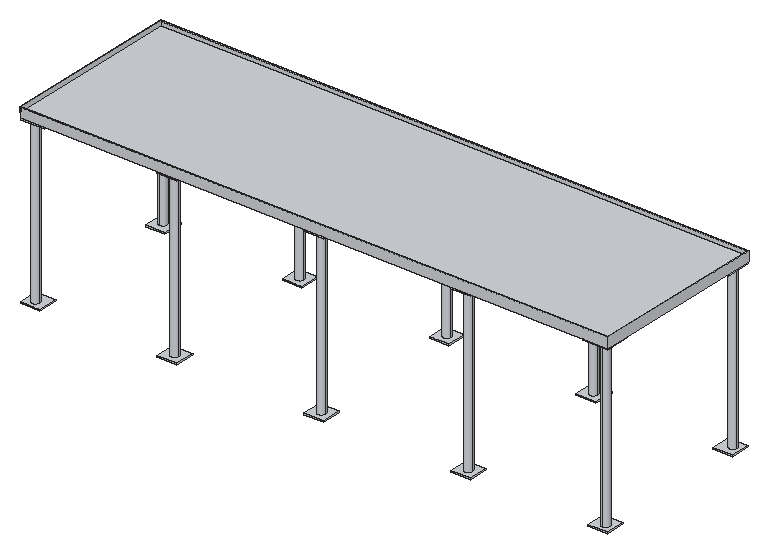
Revit family "Benches-Solar_Innovations", category Furniture, Revit 2023
Family settings
  OmniClass Number = 23.40.20.00
  OmniClass Title = General Furniture and Specialties
  Work Plane-Based = No
  Enable Cutting in Views = No
  Always vertical = Yes
  Cut with Voids When Loaded = No
  Render Appearance Source = Family Geometry
  Shared = No
  Room Calculation Point = No
Parameters
  Width = 3' - 0"
  URL = "https://solarinnovations.com/"
  Manufacturer = "Solar Innovations"
  Lenght = 10' - 0"
  Default Elevation = 0' - 0"
Reference planes (in)
  plane 1 "Center Front/Back": y = 0
  plane 2: z = 0
  plane 3 "Center Left/Right": x = 0
  plane 4 "Center L/U": x = -30
  plane 5 "Center L/V": x = -60
  plane 6 "Center L/X": x = 30
  plane 7 "Center L/Y": x = 60
  plane 8 "Center L/Z": y = -18
  plane 9 "Center L/AA": y = 18
  plane 10: z = 36
  plane 11 "Center L/BB": y = 16.25
  plane 12 "Center L/CC": y = -16.25
  plane 13 "Center L/DD": x = 58.25
  plane 14 "Center L/EE": x = -58.25
  plane 15: z = 35
  plane 16 "Table Base": z = 33.875
Forms (in)
  Extrusion 1, solid
    sketch origin (0, 0, 33.875) x (0, -1, 0) y (1, 0, 0)
      loop
        line (-18, -60) -> (18, -60) -> (18, 60) -> (-18, 60) -> (-18, -60)
    from 0 to 1.21875
  Extrusion 2, solid
    sketch origin (0, 0, 35.09375) x (0, -1, 0) y (1, 0, 0)
      loop
        line (-18, -60) -> (18, -60) -> (18, 60) -> (-18, 60) -> (-18, -60)
      loop
        line (-17.91, -59.91) -> (17.91, -59.91) -> (17.91, 59.91) -> (-17.91, 59.91) -> (-17.91, -59.91)
    from 0 to 0.90625
Cuts and joins
  joined: Extrusion 1, Extrusion 2
Dimensions and locks (in)
  locked: plane 10 to level at 36
  "Lenght": plane 5 "Center L/V" to plane 7 "Center L/Y"
  equal spacing: plane 5 "Center L/V", plane 4 "Center L/U", plane 3 "Center Left/Right", plane 6 "Center L/X", plane 7 "Center L/Y"
  "Width": plane 8 "Center L/Z" to plane 9 "Center L/AA"
  equal spacing: plane 8 "Center L/Z", plane 1 "Center Front/Back", plane 9 "Center L/AA"
  plane 10 to plane 15 to plane 16 "Table Base" = 0' - 1" locked, 0' - 1 1/8" locked
  locked: plane 11 "Center L/BB" to plane 9 "Center L/AA" at 1.75
  locked: plane 5 "Center L/V" to plane 14 "Center L/EE" at 1.75
  plane 8 "Center L/Z" to plane 12 "Center L/CC" = 0' - 1 3/4"
  locked: plane 13 "Center L/DD" to plane 7 "Center L/Y" at 1.75
  aligned and locked: level to plane 2
  aligned and locked: plane 4 "Center L/U" to nested 1
  aligned and locked: plane 14 "Center L/EE" to nested 7
  aligned and locked: plane 12 "Center L/CC" to nested 7
  aligned and locked: plane 3 "Center Left/Right" to nested 3
  aligned and locked: nested 4 to plane 6 "Center L/X"
  aligned and locked: plane 11 "Center L/BB" to nested 5
  aligned and locked: nested 5 to plane 13 "Center L/DD"
  aligned and locked: plane 4 "Center L/U" to nested 6
  aligned and locked: plane 3 "Center Left/Right" to nested 8
  aligned and locked: nested 9 to plane 6 "Center L/X"
  aligned and locked: plane 9 "Center L/AA" to Extrusion 1 sketch curve
  aligned and locked: plane 5 "Center L/V" to Extrusion 1 sketch curve
  aligned and locked: Extrusion 1 sketch curve to plane 8 "Center L/Z"
  aligned and locked: plane 7 "Center L/Y" to Extrusion 1 sketch curve
  aligned and locked: Extrusion 2 to plane 10
  aligned and locked: cut or joined group of Extrusion 1, Extrusion 2 to nested 6
  aligned and locked: cut or joined group of Extrusion 1, Extrusion 2 to nested 1
  aligned and locked: cut or joined group of Extrusion 1, Extrusion 2 to nested 3
  aligned and locked: cut or joined group of Extrusion 1, Extrusion 2 to nested 4
  aligned and locked: plane 8 "Center L/Z" to nested 10
  aligned and locked: nested 10 to plane 7 "Center L/Y"
  aligned and locked: nested 2 to plane 9 "Center L/AA"
  aligned and locked: nested 2 to plane 5 "Center L/V"
  aligned and locked: cut or joined group of Extrusion 1, Extrusion 2 to nested 8
  aligned and locked: cut or joined group of Extrusion 1, Extrusion 2 to nested 9
Automatic sketch dimensions
  Extrusion 2 sketch curve to plane 7 "Center L/Y" = 0' - 0"
  plane 9 "Center L/AA" to Extrusion 2 sketch curve = 0' - 0"
  Extrusion 2 sketch curve to plane 5 "Center L/V" = 0' - 0"
  plane 8 "Center L/Z" to Extrusion 2 sketch curve = 0' - 0"
  plane 9 "Center L/AA" to Extrusion 2 sketch curve = 0' - 0.09"
  plane 5 "Center L/V" to Extrusion 2 sketch curve = 0' - 0.09"
  Extrusion 2 sketch curve to plane 8 "Center L/Z" = 0' - 0.09"
  plane 7 "Center L/Y" to Extrusion 2 sketch curve = 0' - 0.09"
Nested families (in)
  nested 1: "Paw Interior" at (-30, 16, 0), type "Paw Interior"
  nested 2: "Paw Corner" at (-58.25, 16.25, 0) x (0, -1, 0) z (0, 0, 1), type "Paw Corner"
  nested 3: "Paw Interior" at (0, 16, 0), type "Paw Interior"
  nested 4: "Paw Interior" at (30, 16, 0), type "Paw Interior"
  nested 5: "Paw Corner" at (58.25, 16.25, 0) x (-1, 0, 0) z (0, 0, 1), type "Paw Corner"
  nested 6: "Paw Interior" at (-30, -16, 0), type "Paw Interior"
  nested 7: "Paw Corner" at (-58.25, -16.25, 0), type "Paw Corner"
  nested 8: "Paw Interior" at (0, -16, 0), type "Paw Interior"
  nested 9: "Paw Interior" at (30, -16, 0), type "Paw Interior"
  nested 10: "Paw Corner" at (58.25, -16.25, 0) x (0, 1, 0) z (0, 0, 1), type "Paw Corner"
Definition of nested family "Paw Interior"
  Parameters (values of type "Paw Interior")
    Default Elevation = 0' - 0"
  Reference planes (in)
    plane 1 "Center Front/Back": y = 0
    plane 2: z = 0
    plane 3 "Center Left/Right": x = 0
  Forms (in)
    Extrusion 1, solid
      sketch origin (0, 0, 0) x (1, 0, 0) y (0, 1, 0)
        loop
          circle (0, 0) r 0.8125
      from 0.25 to 33.625
    Extrusion 2, solid
      sketch origin (-4.66668, -1.66493, 0) x (1, 0, 0) y (0, 1, 0)
        loop
          line (2.66668, 3.66493) -> (2.66668, -0.33507) -> (6.66668, -0.33507) -> (6.66668, 3.66493) -> (2.66668, 3.66493)
      from 0 to 0.25
    Extrusion 3, solid
      sketch origin (-4.66668, -1.66493, 33.625) x (1, 0, 0) y (0, 1, 0)
        loop
          line (2.66668, 3.66493) -> (2.66668, -0.33507) -> (6.66668, -0.33507) -> (6.66668, 3.66493) -> (2.66668, 3.66493)
      from 0 to 0.25
  Dimensions and locks (in)
    aligned and locked: level to plane 2
    aligned and locked: Extrusion 1 to Extrusion 2
    aligned and locked: Extrusion 1 to Extrusion 3
Definition of nested family "Paw Corner"
  Parameters (values of type "Paw Corner")
    Default Elevation = 0' - 0"
  Reference planes (in)
    plane 1 "Center Front/Back": y = 0
    plane 2: z = 0
    plane 3 "Center Left/Right": x = 0
  Forms (in)
    Extrusion 1, solid
      sketch origin (0, 0, 0) x (1, 0, 0) y (0, 1, 0)
        loop
          circle (0, 0) r 0.8125
      from 0.25 to 33.625
    Extrusion 2, solid
      sketch origin (-4.41668, -1.41493, 0) x (1, 0, 0) y (0, 1, 0)
        loop
          line (2.66668, 3.66493) -> (2.66668, -0.33507) -> (6.66668, -0.33507) -> (6.66668, 3.66493) -> (2.66668, 3.66493)
      from 0 to 0.25
    Extrusion 3, solid
      sketch origin (-4.66668, -1.66493, 33.625) x (1, 0, 0) y (0, 1, 0)
        loop
          line (7.90738, -0.08507) -> (2.91668, 4.90562) -> (2.91668, -0.08507) -> (7.90738, -0.08507)
      from 0 to 0.25
  Dimensions and locks (in)
    aligned and locked: level to plane 2
    aligned and locked: Extrusion 1 to Extrusion 2
    aligned and locked: Extrusion 1 to Extrusion 3
